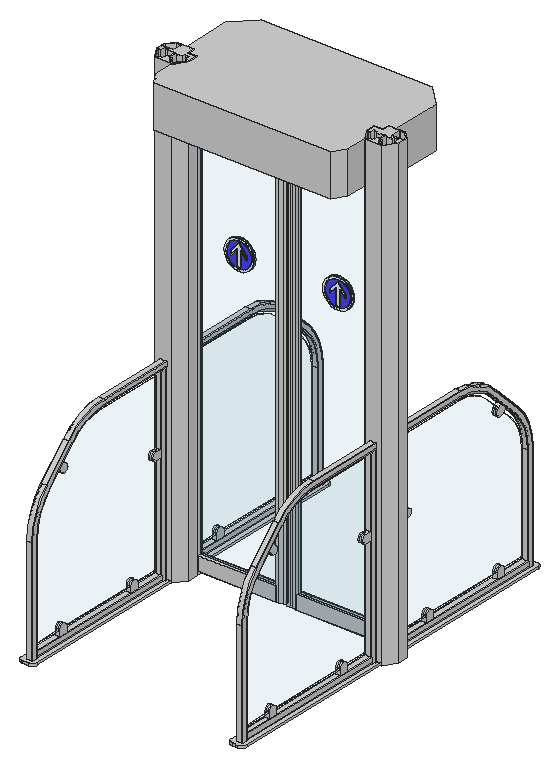
Revit family "ASSA_ABLOY_EL_Single", category Doors, Revit 2020
Family settings
  Work Plane-Based = No
  Always vertical = Yes
  Cut with Voids When Loaded = No
  Shared = No
  Room Calculation Point = No
Parameters (values of type "FlipFlow Wide_1229")
  Width = NominalWidth  # 1229.00 mm
  Weight = "n/a"
  WarrantyStartDate [instance] = "366.999988425926"
  WarrantyGuarantorParts = "Local door manufacturer"
  WarrantyDurationUnit = "Depends on country"
  WarrantyDurationParts = "Depends on country"
  WarrantyDescription = "Depends on country"
  Version = "1"
  Uniclass2015Version = "1.9"
  Uniclass2015Title = "High security doorsets"
  Uniclass2015Code = "Pr_30_59_24_37"
  URL = "https://www.assaabloyentrance.com"
  Type Comments = ""
  ThresholdStripping = no
  ThresholdRequired = no
  Thickness = 0.00 mm
  ThermalTransmittance = 0
  TagNumber [instance] = "n/a"
  SmokeStop = no
  Size = "2365x2248x1229"
  ShortRailing = yes
  Shape = "cuboid shaped"
  SerialNumber [instance] = "n/a"
  Sensor = agtatec_Record_Aluminium
  SelfClosing = yes
  SafetyDevices = "YES"
  Rubber = agtatec_Record_Rubber
  Rough Width = NominalWidth  # 1229.00 mm
  Rough Height = NominalHeight  # 2365.00 mm
  Revision = "n/a"
  ReplacementCost = "Depends on the configuration and door type"
  Reference = "n/a"
  ProductInformation = "www.agta-record.com"
  PassageWidthOptions = "650/900/1100/1200"
  PassageWidth = 900.00 mm
  PassageHeight = 2150.00 mm
  PanelWidth = (PassageWidth / 2) + 23.10 mm  # 473.10 mm
  PanelGlass = agtatec_Record_Glass
  Operation = "Automatic"
  OperatingTemperature = "n/a"
  OpeningRotationAngle = if(OpenDoor, 90.00°, 0.00°)  # 0.00°
  OpenDoor = no
  NominalWidth = 1229.00 mm
  NominalLength = 2248.00 mm
  NominalHeight = 2365.00 mm
  Name = "EL Wide"
  NBSReference = "25-50-20/175"
  NBSDescription = "Sliding Doorset"
  ModelReference = "depends on the configuration"
  ModelNumber = "n/a"
  Model = ""
  Material = "Aluminium"
  ManufacturerURL = "www.agta-record.com"
  Manufacturer = "info@blasi.info"
  Length = 5999.839 mm
  LeafColourOptions = "n/a"
  LargeRailing = no
  Keynote = ""
  IsExternal = no
  InstallationDate [instance] = "366.999988425926"
  Infiltration = 0
  IfcExportType = "Door"
  IfcExportAs = "IFCDoorStyle"
  HeightUnderCanopyOptions = "n/a"
  Height = NominalHeight  # 2365.00 mm
  HasDrive = yes
  HandicapAccessible = yes
  Grade = "n/a"
  GlassType = "n/a"
  GlassThickness2 = 0.00 mm
  GlassThickness1 = 0.00 mm
  GlassLayers = 1
  Function = Exterior
  Frames = agtatec_Record_Aluminium
  FrameProfile = "n/a"
  FrameMaterial = agtatec_Record_Aluminium
  FrameFinishOptions = "stainless steel finish"
  Fire Rating = ""
  Finish = "Aluminium and Glass"
  Features = "n/a"
  Extended = no
  ExpectedLife = "n/a"
  ElectronicLock = yes
  DurationUnit = "Year"
  DoorsetOptions = "n/a"
  DoorsetOperation = "n/a"
  DoorsetFasteners = "n/a"
  DoorSeal = yes
  DoorIncluded = yes
  DiameterOptions = "n/a"
  Description = ""
  Define Thermal Properties by = Schematic Type
  Cost = 0
  Construction Type = "Automatic Sliding Door"
  Constituents = "n/a"
  Configuration = "n/a"
  Color = "RAL"
  CodePerformance = "n/a"
  Category = "n/a"
  Capacity = "up tp 2000 people / hour"
  CanopyHeightOptions = "n/a"
  CanopyHeight = 211.00 mm
  BarCode [instance] = "n/a"
  BIMObjectName = "EL Wide"
  Author = "agtatec"
  AssetType = "n/a"
  AssetIdentifier [instance] = "n/a"
  Assembly Code = ""
  AntiFingerTrapRequirement = no
  Analytic Construction = "<None>"
  AlternativeDoorsetGlazing = "n/a"
  AccessoryOptions = "n/a"
  AccessibilityPerformance = "n/a"
Reference planes
  plane 1 "Entry": y = 0
  plane 2: z = 0
  plane 3 "Center (Left/Right)": x = 0
  plane 4 "Top": z = 2361
  plane 5 "PH": z = 2150
  plane 6: x = -450
  plane 7: x = 450
  plane 8: x = 473.1
  plane 9: x = -473.1
  plane 10 "Right": x = 528.4
  plane 11: x = 536.4
  plane 12 "Left": x = -528.4
  plane 13: x = -536.4
  plane 14: y = 9.35
  plane 15: y = 17.45
  plane 16: z = 70.9
  plane 17: z = 2130.9
Forms (mm)
  Sweep 1, solid, material "agtatec_Record_Aluminium" <- "Frames"
    path origin (0, 0, 0) x (1, 0, 0) y (0, 0, 1)
      loop
        line (450, 0) -> (450, 2361)
    profile origin (450, 0, 1180.5) x (-1, 0, 0) y (0, -1, 0)
      loop
        line (-37.465, 128.76) -> (-127.035, 128.76) -> (-164.5, 68.803) -> (-164.5, 20.298) -> (-126.752, -17.45) -> (-43.296, -17.45) -> (-43.296, 20.296) -> (0, 20.296) -> (0, 68.803) -> (-37.465, 128.76)
      loop
        line (-93.15, 103.76) -> (-100.15, 103.76) -> (-100.15, 113.76) -> (-110.85, 113.76) -> (-110.85, 121.863) -> (-127.78, 121.863) -> (-162, 67.057) -> (-162, 65.303) -> (-144.6, 65.303) -> (-144.6, 44) -> (-121.65, 44) -> (-121.65, 53.5) -> (-84.65, 53.5) -> (-84.65, 90.06) -> (-93.15, 90.06) -> (-93.15, 103.76)
      loop
        line (-71.15, 103.76) -> (-71.15, 90.06) -> (-79.65, 90.06) -> (-79.65, 53.5) -> (-42.65, 53.5) -> (-42.65, 44) -> (-19.9, 44) -> (-19.9, 65.303) -> (-2.3, 65.303) -> (-2.3, 67.057) -> (-36.52, 121.863) -> (-53.45, 121.863) -> (-53.45, 113.76) -> (-64.15, 113.76) -> (-64.15, 103.76) -> (-71.15, 103.76)
      loop
        line (-102.6, 39) -> (-162, 39) -> (-162, 21.326) -> (-129.934, -10.74) -> (-106, -10.74) -> (-106, -7.95) -> (-102.6, -7.95) -> (-102.6, 39)
  Sweep 2, solid, material "agtatec_Record_Aluminium" <- "Frames"
    path origin (0, 0, 0) x (-1, 0, 0) y (0, 0, 1)
      loop
        line (450, 0) -> (450, 2361)
    profile origin (-450, 0, 1180.5) x (-1, 0, 0) y (0, -1, 0)
      loop
        line (37.465, 128.76) -> (0, 68.803) -> (0, 20.296) -> (43.296, 20.296) -> (43.296, -17.45) -> (126.752, -17.45) -> (164.5, 20.298) -> (164.5, 68.803) -> (127.035, 128.76) -> (37.465, 128.76)
      loop
        line (93.15, 103.76) -> (93.15, 90.06) -> (84.65, 90.06) -> (84.65, 53.5) -> (121.65, 53.5) -> (121.65, 44) -> (144.6, 44) -> (144.6, 65.303) -> (162, 65.303) -> (162, 67.057) -> (127.78, 121.863) -> (110.85, 121.863) -> (110.85, 113.76) -> (100.15, 113.76) -> (100.15, 103.76) -> (93.15, 103.76)
      loop
        line (71.15, 103.76) -> (64.15, 103.76) -> (64.15, 113.76) -> (53.45, 113.76) -> (53.45, 121.863) -> (36.52, 121.863) -> (2.3, 67.057) -> (2.3, 65.303) -> (19.9, 65.303) -> (19.9, 44) -> (42.65, 44) -> (42.65, 53.5) -> (79.65, 53.5) -> (79.65, 90.06) -> (71.15, 90.06) -> (71.15, 103.76)
      loop
        line (102.6, 39) -> (102.6, -7.95) -> (106, -7.95) -> (106, -10.74) -> (129.934, -10.74) -> (162, 21.326) -> (162, 39) -> (102.6, 39)
  Extrusion 3, solid, material "agtatec_Record_Aluminium" <- "Frames"
    sketch origin (0, 0, 2150) x (-1, 0, 0) y (0, -1, 0)
      loop
        line (-488.1, 129.776) -> (-450, 68.803) -> (-450, 20.296) -> (-493.296, 20.296) -> (-493.296, -17.45) -> (-531.6, -17.45) -> (-531.6, -267.378) -> (-432.428, -366.55) -> (431.978, -366.55) -> (531.6, -266.928) -> (531.6, -17.45) -> (493.296, -17.45) -> (493.296, 20.296) -> (450, 20.296) -> (450, 68.803) -> (487.75, 129.216) -> (487.75, 231.198) -> (447.851, 295.05) -> (-448.458, 295.05) -> (-488.1, 231.61) -> (-488.1, 129.776)
    from 0 to 10
  Extrusion 4, solid, material "agtatec_Record_Aluminium" <- "Frames"
    sketch origin (0, -5999.839, 2150) x (-1, 0, 0) y (0, -1, 0)
      loop
        line (-531.6, -6267.218) -> (-432.428, -6366.389) -> (431.978, -6366.389) -> (531.6, -6266.768) -> (531.6, -6017.289) -> (529.6, -6017.289) -> (529.6, -6266.115) -> (430.974, -6364.389) -> (-431.6, -6364.389) -> (-529.6, -6266.389) -> (-529.6, -6017.289) -> (-531.6, -6017.289) -> (-531.6, -6267.218)
    from 0 to 211
  Extrusion 5, solid, material "agtatec_Record_Aluminium" <- "Frames"
    sketch origin (0, 0, 2150) x (-1, 0, 0) y (0, -1, 0)
      loop
        line (487.75, 128.76) -> (487.75, 231.198) -> (447.851, 295.05) -> (-448.458, 295.05) -> (-488.1, 231.61) -> (-488.1, 128.76) -> (-486.1, 128.76) -> (-486.1, 231.037) -> (-447.35, 293.05) -> (446.742, 293.05) -> (485.75, 230.625) -> (485.75, 128.76) -> (487.75, 128.76)
    from 0 to 211
  Extrusion 6, solid, material "agtatec_Record_Aluminium" <- "Frames"
    sketch origin (0, 0, 2361) x (-1, 0, 0) y (0, -1, 0)
      loop
        line (487.75, 129.216) -> (487.75, 231.198) -> (447.851, 295.05) -> (-448.458, 295.05) -> (-488.1, 231.61) -> (-488.1, 129.776) -> (-450, 68.803) -> (-450, 20.296) -> (-493.296, 20.296) -> (-493.296, -17.45) -> (-531.6, -17.45) -> (-531.6, -267.378) -> (-432.428, -366.55) -> (431.978, -366.55) -> (531.6, -266.928) -> (531.6, -17.45) -> (493.296, -17.45) -> (493.296, 20.296) -> (450, 20.296) -> (450, 68.803) -> (487.75, 129.216)
    from 0 to -10
  Sweep 7, solid, material "agtatec_Record_Aluminium" <- "Frames"
    path origin (528.4, 0, 0) x (0, -1, 0) y (0, 0, 1)
      loop
        line (128.76, 1000) -> (521.973, 1000)
        arc (521.973, 1000) -> (642.519, 976.022) -> (744.712, 907.739) r 315
        line (744.712, 907.739) -> (886.133, 766.317)
        arc (886.133, 766.317) -> (954.417, 664.124) -> (978.395, 543.579) r 315
        line (978.395, 543.579) -> (978.395, 0)
    profile origin (528.4, -325.367, 1000) x (0, 0, 1) y (-1, 0, 0)
      loop
        arc (0, 8.042) -> (-0.893, 10.136) -> (-2.999, 11) r 2.999
        line (-2.999, 11) -> (-26.998, 11)
        arc (-26.998, 11) -> (-29.119, 10.121) -> (-30, 8) r 3
        line (-30, 8) -> (-30, -16.051)
        arc (-30, -16.051) -> (-29.104, -18.139) -> (-27.002, -19) r 2.999
        line (-27.002, -19) -> (-3.001, -19)
        arc (-3.001, -19) -> (-0.894, -18.136) -> (0, -16.041) r 3.001
        line (0, -16.041) -> (0, 8.042)
  Sweep 8, solid, material "agtatec_Record_Aluminium" <- "Frames", visible <- "LargeRailing"
    path origin (528.4, 18.7, 0) x (0, 1, 0) y (0, 0, 1)
      loop
        line (-1.25, 1000) -> (742.679, 1000)
        arc (742.679, 1000) -> (863.225, 976.022) -> (965.418, 907.739) r 315
        line (965.418, 907.739) -> (1106.841, 766.316)
        arc (1106.841, 766.316) -> (1175.124, 664.122) -> (1199.102, 543.577) r 315
        line (1199.102, 543.577) -> (1199.102, 0)
    profile origin (528.4, 389.415, 1000) x (0, 0, -1) y (-1, 0, 0)
      loop
        line (0, 8.042) -> (0, -16.041)
        arc (0, -16.041) -> (0.894, -18.136) -> (3.001, -19) r 3.001
        line (3.001, -19) -> (27.002, -19)
        arc (27.002, -19) -> (29.104, -18.139) -> (30, -16.051) r 2.999
        line (30, -16.051) -> (30, 8)
        arc (30, 8) -> (29.119, 10.121) -> (26.998, 11) r 3
        line (26.998, 11) -> (2.999, 11)
        arc (2.999, 11) -> (0.893, 10.136) -> (0, 8.042) r 2.999
  Extrusion 9, solid, material "agtatec_Record_Aluminium" <- "Frames"
    sketch origin (0, 0, 0) x (1, 0, 0) y (0, 1, 0)
      loop
        line (492.399, -128.76) -> (492.399, -978.395)
        arc (492.399, -978.395) -> (499.722, -996.072) -> (517.399, -1003.395) r 25
        line (517.399, -1003.395) -> (547.399, -1003.395)
        arc (547.399, -1003.395) -> (565.077, -996.072) -> (572.399, -978.395) r 25
        line (572.399, -978.395) -> (572.399, -128.76) -> (544.441, -128.76)
        arc (544.441, -128.76) -> (546.562, -129.639) -> (547.441, -131.76) r 3
        line (547.441, -131.76) -> (547.441, -155.76)
        arc (547.441, -155.76) -> (546.564, -157.879) -> (544.448, -158.76) r 3
        line (544.448, -158.76) -> (520.433, -158.76)
        arc (520.433, -158.76) -> (518.317, -157.879) -> (517.441, -155.76) r 3
        line (517.441, -155.76) -> (517.441, -131.76)
        arc (517.441, -131.76) -> (518.319, -129.639) -> (520.441, -128.76) r 3
        line (520.441, -128.76) -> (492.399, -128.76)
      loop
        line (520.358, -978.395) -> (544.441, -978.395)
        arc (544.441, -978.395) -> (546.536, -977.501) -> (547.4, -975.394) r 3.001
        line (547.4, -975.394) -> (547.4, -951.393)
        arc (547.4, -951.393) -> (546.539, -949.29) -> (544.451, -948.394) r 2.999
        line (544.451, -948.394) -> (520.4, -948.394)
        arc (520.4, -948.394) -> (518.279, -949.275) -> (517.4, -951.397) r 3
        line (517.4, -951.397) -> (517.4, -975.396)
        arc (517.4, -975.396) -> (518.264, -977.502) -> (520.358, -978.395) r 2.999
    from 0 to 10
  Extrusion 10, solid, material "agtatec_Record_Aluminium" <- "Frames", visible <- "LargeRailing"
    sketch origin (0, 239.408, 0) x (1, 0, 0) y (0, 1, 0)
      loop
        line (492.399, -221.958) -> (520.441, -221.958)
        arc (520.441, -221.958) -> (518.319, -221.079) -> (517.441, -218.958) r 3
        line (517.441, -218.958) -> (517.441, -194.958)
        arc (517.441, -194.958) -> (518.317, -192.839) -> (520.433, -191.958) r 3
        line (520.433, -191.958) -> (544.448, -191.958)
        arc (544.448, -191.958) -> (546.564, -192.839) -> (547.441, -194.958) r 3
        line (547.441, -194.958) -> (547.441, -218.958)
        arc (547.441, -218.958) -> (546.562, -221.079) -> (544.441, -221.958) r 3
        line (544.441, -221.958) -> (572.399, -221.958) -> (572.399, 978.395)
        arc (572.399, 978.395) -> (565.077, 996.072) -> (547.399, 1003.395) r 25
        line (547.399, 1003.395) -> (517.399, 1003.395)
        arc (517.399, 1003.395) -> (499.722, 996.072) -> (492.399, 978.395) r 25
        line (492.399, 978.395) -> (492.399, -221.958)
      loop
        line (517.4, 975.396) -> (517.4, 951.397)
        arc (517.4, 951.397) -> (518.279, 949.275) -> (520.4, 948.397) r 3
        line (520.4, 948.397) -> (544.451, 948.394)
        arc (544.451, 948.394) -> (546.539, 949.29) -> (547.4, 951.393) r 2.999
        line (547.4, 951.393) -> (547.4, 975.394)
        arc (547.4, 975.394) -> (546.536, 977.501) -> (544.441, 978.395) r 3.001
        line (544.441, 978.395) -> (520.358, 978.395)
        arc (520.358, 978.395) -> (518.264, 977.502) -> (517.4, 975.396) r 2.999
    from 0 to 10
  Extrusion 11, solid, material "agtatec_Record_Aluminium" <- "Frames", visible <- "LargeRailing"
    sketch origin (0, 47.45, 256.131) x (0, 0, -1) y (1, 0, 0)
      loop
        line (-213.868, 544.496) -> (-213.868, 520.302)
        arc (-213.868, 520.302) -> (-212.989, 518.235) -> (-210.921, 517.358) r 3
        line (-210.921, 517.358) -> (-186.871, 517.358)
        arc (-186.871, 517.358) -> (-184.749, 518.237) -> (-183.869, 520.359) r 3.002
        line (-183.869, 520.359) -> (-183.869, 544.439)
        arc (-183.869, 544.439) -> (-184.749, 546.561) -> (-186.871, 547.441) r 3.002
        line (-186.871, 547.441) -> (-210.921, 547.441)
        arc (-210.921, 547.441) -> (-212.989, 546.563) -> (-213.868, 544.496) r 3
    from 0 to -1140.352
  Extrusion 12, solid, material "agtatec_Record_Aluminium" <- "Frames"
    sketch origin (0, 0, 0) x (1, 0, 0) y (0, 1, 0)
      loop
        arc (517.441, -155.76) -> (518.317, -157.879) -> (520.433, -158.76) r 3
        line (520.433, -158.76) -> (544.448, -158.76)
        arc (544.448, -158.76) -> (546.564, -157.879) -> (547.441, -155.76) r 3
        line (547.441, -155.76) -> (547.441, -131.76)
        arc (547.441, -131.76) -> (546.562, -129.639) -> (544.441, -128.76) r 3
        line (544.441, -128.76) -> (520.441, -128.76)
        arc (520.441, -128.76) -> (518.319, -129.639) -> (517.441, -131.76) r 3
        line (517.441, -131.76) -> (517.441, -155.76)
    from 0 to 970
  Extrusion 13, solid, material "agtatec_Record_Glass" <- "PanelGlass", visible <- "LargeRailing"
    sketch origin (528.4, 0, 0) x (0, -1, 0) y (0, 0, 1)
      loop
        arc (-767.249, 949.5) -> (-862.92, 930.47) -> (-944.026, 876.277) r 250
        line (-944.026, 876.277) -> (-1004.912, 815.391) -> (-998.265, 808.744)
        arc (-998.265, 808.744) -> (-998.265, 780.46) -> (-1026.549, 780.46) r 20
        line (-1026.549, 780.46) -> (-1033.196, 787.107) -> (-1094.579, 725.724)
        arc (-1094.579, 725.724) -> (-1148.772, 644.618) -> (-1167.802, 548.947) r 250
        line (-1167.802, 548.947) -> (-1167.802, 490.5) -> (-957.802, 490.5) -> (-957.802, 500)
        arc (-957.802, 500) -> (-937.802, 520) -> (-917.802, 500) r 20
        line (-917.802, 500) -> (-917.802, 490.5) -> (-287.805, 490.5) -> (-287.805, 500)
        arc (-287.805, 500) -> (-267.805, 520) -> (-247.805, 500) r 20
        line (-247.805, 500) -> (-247.805, 490.5) -> (-67.805, 490.5) -> (-67.805, 949.5) -> (-247.805, 949.5) -> (-247.805, 940)
        arc (-247.805, 940) -> (-267.805, 920) -> (-287.805, 940) r 20
        line (-287.805, 940) -> (-287.805, 949.5) -> (-767.249, 949.5)
    from 0 to -8
  Extrusion 14, solid, material "agtatec_Record_Aluminium" <- "Frames", visible <- "LargeRailing"
    sketch origin (0, -111.31, 0) x (1, 0, 0) y (0, 1, 0)
      loop
        line (517.441, 155.76) -> (517.441, 131.76)
        arc (517.441, 131.76) -> (518.319, 129.639) -> (520.441, 128.76) r 3
        line (520.441, 128.76) -> (544.441, 128.76)
        arc (544.441, 128.76) -> (546.562, 129.639) -> (547.441, 131.76) r 3
        line (547.441, 131.76) -> (547.441, 155.76)
        arc (547.441, 155.76) -> (546.564, 157.879) -> (544.448, 158.76) r 3
        line (544.448, 158.76) -> (520.433, 158.76)
        arc (520.433, 158.76) -> (518.317, 157.879) -> (517.441, 155.76) r 3
    from 0 to 970
  Extrusion 15, solid, material "agtatec_Record_Glass" <- "PanelGlass", visible <- "LargeRailing"
    sketch origin (528.4, 0, 0) x (0, -1, 0) y (0, 0, 1)
      loop
        line (-67.805, 420) -> (-247.805, 420) -> (-247.805, 410)
        arc (-247.805, 410) -> (-267.805, 390) -> (-287.805, 410) r 20
        line (-287.805, 410) -> (-287.805, 420) -> (-917.802, 420) -> (-917.802, 410)
        arc (-917.802, 410) -> (-937.802, 390) -> (-957.802, 410) r 20
        line (-957.802, 410) -> (-957.802, 420) -> (-1167.805, 420) -> (-1167.805, 60) -> (-957.802, 60) -> (-957.802, 70)
        arc (-957.802, 70) -> (-937.802, 90) -> (-917.802, 70) r 20
        line (-917.802, 70) -> (-917.802, 60) -> (-287.805, 60) -> (-287.805, 70)
        arc (-287.805, 70) -> (-267.805, 90) -> (-247.805, 70) r 20
        line (-247.805, 70) -> (-247.805, 60) -> (-67.805, 60) -> (-67.805, 420)
    from 0 to -8
  Extrusion 16, solid, material "agtatec_Record_Glass" <- "PanelGlass"
    sketch origin (528.4, 0, 0) x (0, -1, 0) y (0, 0, 1)
      loop
        line (178.395, 60) -> (308.395, 60) -> (308.395, 69.999)
        arc (308.395, 69.999) -> (328.395, 89.999) -> (348.395, 69.999) r 20
        line (348.395, 69.999) -> (348.395, 60) -> (758.395, 60) -> (758.395, 69.999)
        arc (758.395, 69.999) -> (778.395, 89.999) -> (798.395, 69.999) r 20
        line (798.395, 69.999) -> (798.395, 60) -> (928.395, 60) -> (928.395, 549.447)
        arc (928.395, 549.447) -> (909.365, 645.117) -> (855.171, 726.223) r 250
        line (855.171, 726.223) -> (794.037, 787.358) -> (787.138, 780.459)
        arc (787.138, 780.459) -> (758.854, 780.459) -> (758.854, 808.744) r 20
        line (758.854, 808.744) -> (765.753, 815.642) -> (704.618, 876.777)
        arc (704.618, 876.777) -> (623.512, 930.97) -> (527.841, 950) r 250
        line (527.841, 950) -> (178.395, 950) -> (178.395, 610) -> (188.76, 610)
        arc (188.76, 610) -> (208.76, 590) -> (188.76, 570) r 20
        line (188.76, 570) -> (178.395, 570) -> (178.395, 60)
    from 0 to -8
  Extrusion 17, solid, material "agtatec_Record_Aluminium" <- "Frames", visible <- "LargeRailing"
    sketch origin (0, 47.45, 256.131) x (0, 0, -1) y (1, 0, 0)
      loop
        line (216.132, 544.496) -> (216.132, 520.302)
        arc (216.132, 520.302) -> (217.011, 518.235) -> (219.079, 517.358) r 3
        line (219.079, 517.358) -> (243.129, 517.358)
        arc (243.129, 517.358) -> (245.251, 518.237) -> (246.131, 520.359) r 3.002
        line (246.131, 520.359) -> (246.131, 544.439)
        arc (246.131, 544.439) -> (245.251, 546.561) -> (243.129, 547.441) r 3.002
        line (243.129, 547.441) -> (219.079, 547.441)
        arc (219.079, 547.441) -> (217.011, 546.563) -> (216.132, 544.496) r 3
    from 0 to -1140.352
  Extrusion 18, solid, material "agtatec_Record_Aluminium" <- "Frames"
    sketch origin (0, -47.45, 256.131) x (0, 0, -1) y (-1, 0, 0)
      loop
        arc (216.132, -544.496) -> (217.011, -546.563) -> (219.079, -547.441) r 3
        line (219.079, -547.441) -> (243.129, -547.441)
        arc (243.129, -547.441) -> (245.251, -546.561) -> (246.131, -544.439) r 3.002
        line (246.131, -544.439) -> (246.131, -520.359)
        arc (246.131, -520.359) -> (245.251, -518.237) -> (243.129, -517.358) r 3.002
        line (243.129, -517.358) -> (219.079, -517.358)
        arc (219.079, -517.358) -> (217.011, -518.235) -> (216.132, -520.302) r 3
        line (216.132, -520.302) -> (216.132, -544.496)
    from -111.31 to -900.945
  Extrusion 19, solid, material "agtatec_Record_Aluminium" <- "Frames", visible <- "LargeRailing"
    sketch origin (528.4, 0, 0) x (0, -1, 0) y (0, 0, 1)
      loop
        line (-247.805, 970) -> (-287.805, 970) -> (-287.805, 940)
        arc (-287.805, 940) -> (-267.805, 920) -> (-247.805, 940) r 20
        line (-247.805, 940) -> (-247.805, 970)
      loop
        line (-1019.478, 829.957) -> (-1047.762, 801.673) -> (-1026.549, 780.46)
        arc (-1026.549, 780.46) -> (-998.265, 780.46) -> (-998.265, 808.744) r 20
        line (-998.265, 808.744) -> (-1019.478, 829.957)
      loop
        line (-957.802, 470) -> (-917.802, 470) -> (-917.802, 500)
        arc (-917.802, 500) -> (-937.802, 520) -> (-957.802, 500) r 20
        line (-957.802, 500) -> (-957.802, 470)
      loop
        line (-247.805, 470) -> (-247.805, 500)
        arc (-247.805, 500) -> (-267.805, 520) -> (-287.805, 500) r 20
        line (-287.805, 500) -> (-287.805, 470) -> (-247.805, 470)
      loop
        line (-957.802, 440) -> (-957.802, 410)
        arc (-957.802, 410) -> (-937.802, 390) -> (-917.802, 410) r 20
        line (-917.802, 410) -> (-917.802, 440) -> (-957.802, 440)
      loop
        line (-247.805, 440) -> (-287.805, 440) -> (-287.805, 410)
        arc (-287.805, 410) -> (-267.805, 390) -> (-247.805, 410) r 20
        line (-247.805, 410) -> (-247.805, 440)
      loop
        line (-957.802, 40) -> (-917.802, 40) -> (-917.802, 70)
        arc (-917.802, 70) -> (-937.802, 90) -> (-957.802, 70) r 20
        line (-957.802, 70) -> (-957.802, 40)
      loop
        line (-247.805, 40) -> (-247.805, 70)
        arc (-247.805, 70) -> (-267.805, 90) -> (-287.805, 70) r 20
        line (-287.805, 70) -> (-287.805, 40) -> (-247.805, 40)
    from -16 to 8
  Extrusion 20, solid, material "agtatec_Record_Aluminium" <- "Frames"
    sketch origin (528.4, 0, 0) x (0, -1, 0) y (0, 0, 1)
      loop
        line (780.067, 829.957) -> (758.854, 808.744)
        arc (758.854, 808.744) -> (758.854, 780.459) -> (787.138, 780.459) r 20
        line (787.138, 780.459) -> (808.351, 801.672) -> (780.067, 829.957)
      loop
        line (798.395, 39.999) -> (798.395, 69.999)
        arc (798.395, 69.999) -> (778.395, 89.999) -> (758.395, 69.999) r 20
        line (758.395, 69.999) -> (758.395, 39.999) -> (798.395, 39.999)
      loop
        line (348.395, 39.999) -> (348.395, 69.999)
        arc (348.395, 69.999) -> (328.395, 89.999) -> (308.395, 69.999) r 20
        line (308.395, 69.999) -> (308.395, 39.999) -> (348.395, 39.999)
      loop
        line (158.76, 570) -> (188.76, 570)
        arc (188.76, 570) -> (208.76, 590) -> (188.76, 610) r 20
        line (188.76, 610) -> (158.76, 610) -> (158.76, 570)
    from -16 to 8
  Sweep 21, solid, material "agtatec_Record_Aluminium" <- "Frames"
    path origin (-528.4, 0, 0) x (0, -1, 0) y (0, 0, 1)
      loop
        line (128.76, 1000) -> (521.973, 1000)
        arc (521.973, 1000) -> (642.519, 976.022) -> (744.712, 907.739) r 315
        line (744.712, 907.739) -> (886.133, 766.317)
        arc (886.133, 766.317) -> (954.417, 664.124) -> (978.395, 543.579) r 315
        line (978.395, 543.579) -> (978.395, 0)
    profile origin (-528.4, -325.367, 1000) x (0, 0, -1) y (1, 0, 0)
      loop
        line (0, 8.042) -> (0, -16.041)
        arc (0, -16.041) -> (0.894, -18.136) -> (3.001, -19) r 3.001
        line (3.001, -19) -> (27.002, -19)
        arc (27.002, -19) -> (29.104, -18.139) -> (30, -16.051) r 2.999
        line (30, -16.051) -> (30, 8)
        arc (30, 8) -> (29.119, 10.121) -> (26.998, 11) r 3
        line (26.998, 11) -> (2.999, 11)
        arc (2.999, 11) -> (0.893, 10.136) -> (0, 8.042) r 2.999
  Sweep 22, solid, material "agtatec_Record_Aluminium" <- "Frames", visible <- "LargeRailing"
    path origin (-528.4, 0, 0) x (0, -1, 0) y (0, 0, 1)
      loop
        line (-17.45, 1000) -> (-761.379, 1000)
        arc (-761.379, 1000) -> (-881.925, 976.022) -> (-984.118, 907.739) r 315
        line (-984.118, 907.739) -> (-1125.541, 766.316)
        arc (-1125.541, 766.316) -> (-1193.824, 664.122) -> (-1217.802, 543.577) r 315
        line (-1217.802, 543.577) -> (-1217.802, 0)
    profile origin (-528.4, 389.415, 1000) x (0, 0, 1) y (1, 0, 0)
      loop
        arc (0, 8.042) -> (-0.893, 10.136) -> (-2.999, 11) r 2.999
        line (-2.999, 11) -> (-26.998, 11)
        arc (-26.998, 11) -> (-29.119, 10.121) -> (-30, 8) r 3
        line (-30, 8) -> (-30, -16.051)
        arc (-30, -16.051) -> (-29.104, -18.139) -> (-27.002, -19) r 2.999
        line (-27.002, -19) -> (-3.001, -19)
        arc (-3.001, -19) -> (-0.894, -18.136) -> (0, -16.041) r 3.001
        line (0, -16.041) -> (0, 8.042)
  Extrusion 23, solid, material "agtatec_Record_Aluminium" <- "Frames"
    sketch origin (0, 0, 0) x (-1, 0, 0) y (0, -1, 0)
      loop
        line (492.399, 128.76) -> (520.441, 128.76)
        arc (520.441, 128.76) -> (518.319, 129.639) -> (517.441, 131.76) r 3
        line (517.441, 131.76) -> (517.441, 155.76)
        arc (517.441, 155.76) -> (518.317, 157.879) -> (520.433, 158.76) r 3
        line (520.433, 158.76) -> (544.448, 158.76)
        arc (544.448, 158.76) -> (546.564, 157.879) -> (547.441, 155.76) r 3
        line (547.441, 155.76) -> (547.441, 131.76)
        arc (547.441, 131.76) -> (546.562, 129.639) -> (544.441, 128.76) r 3
        line (544.441, 128.76) -> (572.399, 128.76) -> (572.399, 978.395)
        arc (572.399, 978.395) -> (565.077, 996.072) -> (547.399, 1003.395) r 25
        line (547.399, 1003.395) -> (517.399, 1003.395)
        arc (517.399, 1003.395) -> (499.722, 996.072) -> (492.399, 978.395) r 25
        line (492.399, 978.395) -> (492.399, 128.76)
      loop
        arc (520.358, 978.395) -> (518.264, 977.502) -> (517.4, 975.396) r 2.999
        line (517.4, 975.396) -> (517.4, 951.397)
        arc (517.4, 951.397) -> (518.279, 949.275) -> (520.4, 948.394) r 3
        line (520.4, 948.394) -> (544.451, 948.394)
        arc (544.451, 948.394) -> (546.539, 949.29) -> (547.4, 951.393) r 2.999
        line (547.4, 951.393) -> (547.4, 975.394)
        arc (547.4, 975.394) -> (546.536, 977.501) -> (544.441, 978.395) r 3.001
        line (544.441, 978.395) -> (520.358, 978.395)
    from 0 to 10
  Extrusion 24, solid, material "agtatec_Record_Aluminium" <- "Frames", visible <- "LargeRailing"
    sketch origin (0, 239.408, 0) x (-1, 0, 0) y (0, -1, 0)
      loop
        line (492.399, 221.958) -> (492.399, -978.395)
        arc (492.399, -978.395) -> (499.722, -996.072) -> (517.399, -1003.395) r 25
        line (517.399, -1003.395) -> (547.399, -1003.395)
        arc (547.399, -1003.395) -> (565.077, -996.072) -> (572.399, -978.395) r 25
        line (572.399, -978.395) -> (572.399, 221.958) -> (544.441, 221.958)
        arc (544.441, 221.958) -> (546.562, 221.079) -> (547.441, 218.958) r 3
        line (547.441, 218.958) -> (547.441, 194.958)
        arc (547.441, 194.958) -> (546.564, 192.839) -> (544.448, 191.958) r 3
        line (544.448, 191.958) -> (520.433, 191.958)
        arc (520.433, 191.958) -> (518.317, 192.839) -> (517.441, 194.958) r 3
        line (517.441, 194.958) -> (517.441, 218.958)
        arc (517.441, 218.958) -> (518.319, 221.079) -> (520.441, 221.958) r 3
        line (520.441, 221.958) -> (492.399, 221.958)
      loop
        arc (517.4, -975.396) -> (518.264, -977.502) -> (520.358, -978.395) r 2.999
        line (520.358, -978.395) -> (544.441, -978.395)
        arc (544.441, -978.395) -> (546.536, -977.501) -> (547.4, -975.394) r 3.001
        line (547.4, -975.394) -> (547.4, -951.393)
        arc (547.4, -951.393) -> (546.539, -949.29) -> (544.451, -948.394) r 2.999
        line (544.451, -948.394) -> (520.4, -948.397)
        arc (520.4, -948.397) -> (518.279, -949.275) -> (517.4, -951.397) r 3
        line (517.4, -951.397) -> (517.4, -975.396)
    from 0 to 10
  Extrusion 25, solid, material "agtatec_Record_Aluminium" <- "Frames", visible <- "LargeRailing"
    sketch origin (0, 47.45, 256.131) x (0, 0, -1) y (1, 0, 0)
      loop
        arc (-213.868, -544.496) -> (-212.989, -546.563) -> (-210.921, -547.441) r 3
        line (-210.921, -547.441) -> (-186.871, -547.441)
        arc (-186.871, -547.441) -> (-184.749, -546.561) -> (-183.869, -544.439) r 3.002
        line (-183.869, -544.439) -> (-183.869, -520.359)
        arc (-183.869, -520.359) -> (-184.749, -518.237) -> (-186.871, -517.358) r 3.002
        line (-186.871, -517.358) -> (-210.921, -517.358)
        arc (-210.921, -517.358) -> (-212.989, -518.235) -> (-213.868, -520.302) r 3
        line (-213.868, -520.302) -> (-213.868, -544.496)
    from 0 to -1140.352
  Extrusion 26, solid, material "agtatec_Record_Aluminium" <- "Frames"
    sketch origin (0, 0, 0) x (-1, 0, 0) y (0, -1, 0)
      loop
        line (517.441, 155.76) -> (517.441, 131.76)
        arc (517.441, 131.76) -> (518.319, 129.639) -> (520.441, 128.76) r 3
        line (520.441, 128.76) -> (544.441, 128.76)
        arc (544.441, 128.76) -> (546.562, 129.639) -> (547.441, 131.76) r 3
        line (547.441, 131.76) -> (547.441, 155.76)
        arc (547.441, 155.76) -> (546.564, 157.879) -> (544.448, 158.76) r 3
        line (544.448, 158.76) -> (520.433, 158.76)
        arc (520.433, 158.76) -> (518.317, 157.879) -> (517.441, 155.76) r 3
    from 0 to 970
  Extrusion 27, solid, material "agtatec_Record_Glass" <- "PanelGlass", visible <- "LargeRailing"
    sketch origin (-528.4, 0, 0) x (0, -1, 0) y (0, 0, -1)
      loop
        line (-767.249, -949.5) -> (-287.805, -949.5) -> (-287.805, -940)
        arc (-287.805, -940) -> (-267.805, -920) -> (-247.805, -940) r 20
        line (-247.805, -940) -> (-247.805, -949.5) -> (-67.805, -949.5) -> (-67.805, -490.5) -> (-247.805, -490.5) -> (-247.805, -500)
        arc (-247.805, -500) -> (-267.805, -520) -> (-287.805, -500) r 20
        line (-287.805, -500) -> (-287.805, -490.5) -> (-917.802, -490.5) -> (-917.802, -500)
        arc (-917.802, -500) -> (-937.802, -520) -> (-957.802, -500) r 20
        line (-957.802, -500) -> (-957.802, -490.5) -> (-1167.802, -490.5) -> (-1167.802, -548.947)
        arc (-1167.802, -548.947) -> (-1148.772, -644.618) -> (-1094.579, -725.724) r 250
        line (-1094.579, -725.724) -> (-1033.196, -787.107) -> (-1026.549, -780.46)
        arc (-1026.549, -780.46) -> (-998.265, -780.46) -> (-998.265, -808.744) r 20
        line (-998.265, -808.744) -> (-1004.912, -815.391) -> (-944.026, -876.277)
        arc (-944.026, -876.277) -> (-862.92, -930.47) -> (-767.249, -949.5) r 250
    from 0 to -8
  Extrusion 28, solid, material "agtatec_Record_Aluminium" <- "Frames", visible <- "LargeRailing"
    sketch origin (0, -111.31, 0) x (-1, 0, 0) y (0, -1, 0)
      loop
        arc (517.441, -155.76) -> (518.317, -157.879) -> (520.433, -158.76) r 3
        line (520.433, -158.76) -> (544.448, -158.76)
        arc (544.448, -158.76) -> (546.564, -157.879) -> (547.441, -155.76) r 3
        line (547.441, -155.76) -> (547.441, -131.76)
        arc (547.441, -131.76) -> (546.562, -129.639) -> (544.441, -128.76) r 3
        line (544.441, -128.76) -> (520.441, -128.76)
        arc (520.441, -128.76) -> (518.319, -129.639) -> (517.441, -131.76) r 3
        line (517.441, -131.76) -> (517.441, -155.76)
    from 0 to 970
  Extrusion 29, solid, material "agtatec_Record_Glass" <- "PanelGlass", visible <- "LargeRailing"
    sketch origin (-528.4, 0, 0) x (0, -1, 0) y (0, 0, -1)
      loop
        line (-67.805, -420) -> (-67.805, -60) -> (-247.805, -60) -> (-247.805, -70)
        arc (-247.805, -70) -> (-267.805, -90) -> (-287.805, -70) r 20
        line (-287.805, -70) -> (-287.805, -60) -> (-917.802, -60) -> (-917.802, -70)
        arc (-917.802, -70) -> (-937.802, -90) -> (-957.802, -70) r 20
        line (-957.802, -70) -> (-957.802, -60) -> (-1167.805, -60) -> (-1167.805, -420) -> (-957.802, -420) -> (-957.802, -410)
        arc (-957.802, -410) -> (-937.802, -390) -> (-917.802, -410) r 20
        line (-917.802, -410) -> (-917.802, -420) -> (-287.805, -420) -> (-287.805, -410)
        arc (-287.805, -410) -> (-267.805, -390) -> (-247.805, -410) r 20
        line (-247.805, -410) -> (-247.805, -420) -> (-67.805, -420)
    from 0 to -8
  Extrusion 30, solid, material "agtatec_Record_Glass" <- "PanelGlass"
    sketch origin (-528.4, 0, 0) x (0, -1, 0) y (0, 0, -1)
      loop
        line (178.395, -60) -> (178.395, -570) -> (188.76, -570)
        arc (188.76, -570) -> (208.76, -590) -> (188.76, -610) r 20
        line (188.76, -610) -> (178.395, -610) -> (178.395, -950) -> (527.841, -950)
        arc (527.841, -950) -> (623.512, -930.97) -> (704.618, -876.777) r 250
        line (704.618, -876.777) -> (765.753, -815.642) -> (758.854, -808.744)
        arc (758.854, -808.744) -> (758.854, -780.459) -> (787.138, -780.459) r 20
        line (787.138, -780.459) -> (794.037, -787.358) -> (855.171, -726.223)
        arc (855.171, -726.223) -> (909.365, -645.117) -> (928.395, -549.447) r 250
        line (928.395, -549.447) -> (928.395, -60) -> (798.395, -60) -> (798.395, -69.999)
        arc (798.395, -69.999) -> (778.395, -89.999) -> (758.395, -69.999) r 20
        line (758.395, -69.999) -> (758.395, -60) -> (348.395, -60) -> (348.395, -69.999)
        arc (348.395, -69.999) -> (328.395, -89.999) -> (308.395, -69.999) r 20
        line (308.395, -69.999) -> (308.395, -60) -> (178.395, -60)
    from 0 to -8
  Extrusion 31, solid, material "agtatec_Record_Aluminium" <- "Frames", visible <- "LargeRailing"
    sketch origin (0, 47.45, 256.131) x (0, 0, -1) y (1, 0, 0)
      loop
        arc (216.132, -544.496) -> (217.011, -546.563) -> (219.079, -547.441) r 3
        line (219.079, -547.441) -> (243.129, -547.441)
        arc (243.129, -547.441) -> (245.251, -546.561) -> (246.131, -544.439) r 3.002
        line (246.131, -544.439) -> (246.131, -520.359)
        arc (246.131, -520.359) -> (245.251, -518.237) -> (243.129, -517.358) r 3.002
        line (243.129, -517.358) -> (219.079, -517.358)
        arc (219.079, -517.358) -> (217.011, -518.235) -> (216.132, -520.302) r 3
        line (216.132, -520.302) -> (216.132, -544.496)
    from 0 to -1140.352
  Extrusion 32, solid, material "agtatec_Record_Aluminium" <- "Frames"
    sketch origin (0, -47.45, 256.131) x (0, 0, -1) y (-1, 0, 0)
      loop
        line (216.132, 544.496) -> (216.132, 520.302)
        arc (216.132, 520.302) -> (217.011, 518.235) -> (219.079, 517.358) r 3
        line (219.079, 517.358) -> (243.129, 517.358)
        arc (243.129, 517.358) -> (245.251, 518.237) -> (246.131, 520.359) r 3.002
        line (246.131, 520.359) -> (246.131, 544.439)
        arc (246.131, 544.439) -> (245.251, 546.561) -> (243.129, 547.441) r 3.002
        line (243.129, 547.441) -> (219.079, 547.441)
        arc (219.079, 547.441) -> (217.011, 546.563) -> (216.132, 544.496) r 3
    from -111.31 to -900.945
  Extrusion 33, solid, material "agtatec_Record_Aluminium" <- "Frames", visible <- "LargeRailing"
    sketch origin (-528.4, 0, 0) x (0, -1, 0) y (0, 0, -1)
      loop
        line (-247.805, -970) -> (-247.805, -940)
        arc (-247.805, -940) -> (-267.805, -920) -> (-287.805, -940) r 20
        line (-287.805, -940) -> (-287.805, -970) -> (-247.805, -970)
      loop
        line (-1019.478, -829.957) -> (-998.265, -808.744)
        arc (-998.265, -808.744) -> (-998.265, -780.46) -> (-1026.549, -780.46) r 20
        line (-1026.549, -780.46) -> (-1047.762, -801.673) -> (-1019.478, -829.957)
      loop
        line (-957.802, -470) -> (-957.802, -500)
        arc (-957.802, -500) -> (-937.802, -520) -> (-917.802, -500) r 20
        line (-917.802, -500) -> (-917.802, -470) -> (-957.802, -470)
      loop
        line (-247.805, -470) -> (-287.805, -470) -> (-287.805, -500)
        arc (-287.805, -500) -> (-267.805, -520) -> (-247.805, -500) r 20
        line (-247.805, -500) -> (-247.805, -470)
      loop
        line (-957.802, -440) -> (-917.802, -440) -> (-917.802, -410)
        arc (-917.802, -410) -> (-937.802, -390) -> (-957.802, -410) r 20
        line (-957.802, -410) -> (-957.802, -440)
      loop
        line (-247.805, -440) -> (-247.805, -410)
        arc (-247.805, -410) -> (-267.805, -390) -> (-287.805, -410) r 20
        line (-287.805, -410) -> (-287.805, -440) -> (-247.805, -440)
      loop
        line (-957.802, -40) -> (-957.802, -70)
        arc (-957.802, -70) -> (-937.802, -90) -> (-917.802, -70) r 20
        line (-917.802, -70) -> (-917.802, -40) -> (-957.802, -40)
      loop
        line (-247.805, -40) -> (-287.805, -40) -> (-287.805, -70)
        arc (-287.805, -70) -> (-267.805, -90) -> (-247.805, -70) r 20
        line (-247.805, -70) -> (-247.805, -40)
    from -16 to 8
  Extrusion 34, solid, material "agtatec_Record_Aluminium" <- "Frames"
    sketch origin (-528.4, 0, 0) x (0, -1, 0) y (0, 0, -1)
      loop
        line (780.067, -829.957) -> (808.351, -801.672) -> (787.138, -780.459)
        arc (787.138, -780.459) -> (758.854, -780.459) -> (758.854, -808.744) r 20
        line (758.854, -808.744) -> (780.067, -829.957)
      loop
        line (798.395, -39.999) -> (758.395, -39.999) -> (758.395, -69.999)
        arc (758.395, -69.999) -> (778.395, -89.999) -> (798.395, -69.999) r 20
        line (798.395, -69.999) -> (798.395, -39.999)
      loop
        line (348.395, -39.999) -> (308.395, -39.999) -> (308.395, -69.999)
        arc (308.395, -69.999) -> (328.395, -89.999) -> (348.395, -69.999) r 20
        line (348.395, -69.999) -> (348.395, -39.999)
      loop
        line (158.76, -570) -> (158.76, -610) -> (188.76, -610)
        arc (188.76, -610) -> (208.76, -590) -> (188.76, -570) r 20
        line (188.76, -570) -> (158.76, -570)
    from -16 to 8
  Sweep 35, solid, material "agtatec_Record_Aluminium" <- "Frames", visible <- "ShortRailing"
    path origin (528.4, -111.31, 0) x (0, 1, 0) y (0, 0, 1)
      loop
        line (128.76, 1000) -> (521.973, 1000)
        arc (521.973, 1000) -> (642.519, 976.022) -> (744.712, 907.739) r 315
        line (744.712, 907.739) -> (886.133, 766.317)
        arc (886.133, 766.317) -> (954.417, 664.124) -> (978.395, 543.579) r 315
        line (978.395, 543.579) -> (978.395, 0)
    profile origin (528.4, 214.057, 1000) x (0, 0, -1) y (-1, 0, 0)
      loop
        line (0, 8.042) -> (0, -16.041)
        arc (0, -16.041) -> (0.894, -18.136) -> (3.001, -19) r 3.001
        line (3.001, -19) -> (27.002, -19)
        arc (27.002, -19) -> (29.104, -18.139) -> (30, -16.051) r 2.999
        line (30, -16.051) -> (30, 8)
        arc (30, 8) -> (29.119, 10.121) -> (26.998, 11) r 3
        line (26.998, 11) -> (2.999, 11)
        arc (2.999, 11) -> (0.893, 10.136) -> (0, 8.042) r 2.999
  Extrusion 36, solid, material "agtatec_Record_Aluminium" <- "Frames", visible <- "ShortRailing"
    sketch origin (0, -111.31, 0) x (1, 0, 0) y (0, 1, 0)
      loop
        line (492.399, 128.76) -> (520.441, 128.76)
        arc (520.441, 128.76) -> (518.319, 129.639) -> (517.441, 131.76) r 3
        line (517.441, 131.76) -> (517.441, 155.76)
        arc (517.441, 155.76) -> (518.317, 157.879) -> (520.433, 158.76) r 3
        line (520.433, 158.76) -> (544.448, 158.76)
        arc (544.448, 158.76) -> (546.564, 157.879) -> (547.441, 155.76) r 3
        line (547.441, 155.76) -> (547.441, 131.76)
        arc (547.441, 131.76) -> (546.562, 129.639) -> (544.441, 128.76) r 3
        line (544.441, 128.76) -> (572.399, 128.76) -> (572.399, 978.395)
        arc (572.399, 978.395) -> (565.077, 996.072) -> (547.399, 1003.395) r 25
        line (547.399, 1003.395) -> (517.399, 1003.395)
        arc (517.399, 1003.395) -> (499.722, 996.072) -> (492.399, 978.395) r 25
        line (492.399, 978.395) -> (492.399, 128.76)
      loop
        arc (520.358, 978.395) -> (518.264, 977.502) -> (517.4, 975.396) r 2.999
        line (517.4, 975.396) -> (517.4, 951.397)
        arc (517.4, 951.397) -> (518.279, 949.275) -> (520.4, 948.394) r 3
        line (520.4, 948.394) -> (544.451, 948.394)
        arc (544.451, 948.394) -> (546.539, 949.29) -> (547.4, 951.393) r 2.999
        line (547.4, 951.393) -> (547.4, 975.394)
        arc (547.4, 975.394) -> (546.536, 977.501) -> (544.441, 978.395) r 3.001
        line (544.441, 978.395) -> (520.358, 978.395)
    from 0 to 10
  Extrusion 37, solid, material "agtatec_Record_Aluminium" <- "Frames", visible <- "ShortRailing"
    sketch origin (0, -111.31, 0) x (1, 0, 0) y (0, 1, 0)
      loop
        line (517.441, 155.76) -> (517.441, 131.76)
        arc (517.441, 131.76) -> (518.319, 129.639) -> (520.441, 128.76) r 3
        line (520.441, 128.76) -> (544.441, 128.76)
        arc (544.441, 128.76) -> (546.562, 129.639) -> (547.441, 131.76) r 3
        line (547.441, 131.76) -> (547.441, 155.76)
        arc (547.441, 155.76) -> (546.564, 157.879) -> (544.448, 158.76) r 3
        line (544.448, 158.76) -> (520.433, 158.76)
        arc (520.433, 158.76) -> (518.317, 157.879) -> (517.441, 155.76) r 3
    from 0 to 970
  Extrusion 38, solid, material "agtatec_Record_Glass" <- "PanelGlass", visible <- "ShortRailing"
    sketch origin (528.4, -111.31, 0) x (0, 1, 0) y (0, 0, -1)
      loop
        line (178.395, -60) -> (178.395, -570) -> (188.76, -570)
        arc (188.76, -570) -> (208.76, -590) -> (188.76, -610) r 20
        line (188.76, -610) -> (178.395, -610) -> (178.395, -950) -> (527.841, -950)
        arc (527.841, -950) -> (623.512, -930.97) -> (704.618, -876.777) r 250
        line (704.618, -876.777) -> (765.753, -815.642) -> (758.854, -808.744)
        arc (758.854, -808.744) -> (758.854, -780.459) -> (787.138, -780.459) r 20
        line (787.138, -780.459) -> (794.037, -787.358) -> (855.171, -726.223)
        arc (855.171, -726.223) -> (909.365, -645.117) -> (928.395, -549.447) r 250
        line (928.395, -549.447) -> (928.395, -60) -> (798.395, -60) -> (798.395, -69.999)
        arc (798.395, -69.999) -> (778.395, -89.999) -> (758.395, -69.999) r 20
        line (758.395, -69.999) -> (758.395, -60) -> (348.395, -60) -> (348.395, -69.999)
        arc (348.395, -69.999) -> (328.395, -89.999) -> (308.395, -69.999) r 20
        line (308.395, -69.999) -> (308.395, -60) -> (178.395, -60)
    from 0 to -8
  Extrusion 39, solid, material "agtatec_Record_Aluminium" <- "Frames", visible <- "ShortRailing"
    sketch origin (0, -63.86, 256.131) x (0, 0, -1) y (1, 0, 0)
      loop
        line (216.132, 544.496) -> (216.132, 520.302)
        arc (216.132, 520.302) -> (217.011, 518.235) -> (219.079, 517.358) r 3
        line (219.079, 517.358) -> (243.129, 517.358)
        arc (243.129, 517.358) -> (245.251, 518.237) -> (246.131, 520.359) r 3.002
        line (246.131, 520.359) -> (246.131, 544.439)
        arc (246.131, 544.439) -> (245.251, 546.561) -> (243.129, 547.441) r 3.002
        line (243.129, 547.441) -> (219.079, 547.441)
        arc (219.079, 547.441) -> (217.011, 546.563) -> (216.132, 544.496) r 3
    from -111.31 to -900.945
  Extrusion 40, solid, material "agtatec_Record_Aluminium" <- "Frames", visible <- "ShortRailing"
    sketch origin (528.4, -111.31, 0) x (0, 1, 0) y (0, 0, -1)
      loop
        line (780.067, -829.957) -> (808.351, -801.672) -> (787.138, -780.459)
        arc (787.138, -780.459) -> (758.854, -780.459) -> (758.854, -808.744) r 20
        line (758.854, -808.744) -> (780.067, -829.957)
      loop
        line (798.395, -39.999) -> (758.395, -39.999) -> (758.395, -69.999)
        arc (758.395, -69.999) -> (778.395, -89.999) -> (798.395, -69.999) r 20
        line (798.395, -69.999) -> (798.395, -39.999)
      loop
        line (348.395, -39.999) -> (308.395, -39.999) -> (308.395, -69.999)
        arc (308.395, -69.999) -> (328.395, -89.999) -> (348.395, -69.999) r 20
        line (348.395, -69.999) -> (348.395, -39.999)
      loop
        line (158.76, -570) -> (158.76, -610) -> (188.76, -610)
        arc (188.76, -610) -> (208.76, -590) -> (188.76, -570) r 20
        line (188.76, -570) -> (158.76, -570)
    from -16 to 8
  Sweep 41, solid, material "agtatec_Record_Aluminium" <- "Frames", visible <- "ShortRailing"
    path origin (-528.4, 0, 0) x (0, -1, 0) y (0, 0, 1)
      loop
        line (-17.45, 1000) -> (-410.663, 1000)
        arc (-410.663, 1000) -> (-531.209, 976.022) -> (-633.402, 907.739) r 315
        line (-633.402, 907.739) -> (-774.823, 766.317)
        arc (-774.823, 766.317) -> (-843.107, 664.124) -> (-867.085, 543.579) r 315
        line (-867.085, 543.579) -> (-867.085, 0)
    profile origin (-528.4, 214.057, 1000) x (0, 0, 1) y (1, 0, 0)
      loop
        arc (0, 8.042) -> (-0.893, 10.136) -> (-2.999, 11) r 2.999
        line (-2.999, 11) -> (-26.998, 11)
        arc (-26.998, 11) -> (-29.119, 10.121) -> (-30, 8) r 3
        line (-30, 8) -> (-30, -16.051)
        arc (-30, -16.051) -> (-29.104, -18.139) -> (-27.002, -19) r 2.999
        line (-27.002, -19) -> (-3.001, -19)
        arc (-3.001, -19) -> (-0.894, -18.136) -> (0, -16.041) r 3.001
        line (0, -16.041) -> (0, 8.042)
  Extrusion 42, solid, material "agtatec_Record_Aluminium" <- "Frames", visible <- "ShortRailing"
    sketch origin (0, -111.31, 0) x (-1, 0, 0) y (0, -1, 0)
      loop
        line (492.399, -128.76) -> (492.399, -978.395)
        arc (492.399, -978.395) -> (499.722, -996.072) -> (517.399, -1003.395) r 25
        line (517.399, -1003.395) -> (547.399, -1003.395)
        arc (547.399, -1003.395) -> (565.077, -996.072) -> (572.399, -978.395) r 25
        line (572.399, -978.395) -> (572.399, -128.76) -> (544.441, -128.76)
        arc (544.441, -128.76) -> (546.562, -129.639) -> (547.441, -131.76) r 3
        line (547.441, -131.76) -> (547.441, -155.76)
        arc (547.441, -155.76) -> (546.564, -157.879) -> (544.448, -158.76) r 3
        line (544.448, -158.76) -> (520.433, -158.76)
        arc (520.433, -158.76) -> (518.317, -157.879) -> (517.441, -155.76) r 3
        line (517.441, -155.76) -> (517.441, -131.76)
        arc (517.441, -131.76) -> (518.319, -129.639) -> (520.441, -128.76) r 3
        line (520.441, -128.76) -> (492.399, -128.76)
      loop
        line (520.358, -978.395) -> (544.441, -978.395)
        arc (544.441, -978.395) -> (546.536, -977.501) -> (547.4, -975.394) r 3.001
        line (547.4, -975.394) -> (547.4, -951.393)
        arc (547.4, -951.393) -> (546.539, -949.29) -> (544.451, -948.394) r 2.999
        line (544.451, -948.394) -> (520.4, -948.394)
        arc (520.4, -948.394) -> (518.279, -949.275) -> (517.4, -951.397) r 3
        line (517.4, -951.397) -> (517.4, -975.396)
        arc (517.4, -975.396) -> (518.264, -977.502) -> (520.358, -978.395) r 2.999
    from 0 to 10
  Extrusion 43, solid, material "agtatec_Record_Aluminium" <- "Frames", visible <- "ShortRailing"
    sketch origin (0, -111.31, 0) x (-1, 0, 0) y (0, -1, 0)
      loop
        arc (517.441, -155.76) -> (518.317, -157.879) -> (520.433, -158.76) r 3
        line (520.433, -158.76) -> (544.448, -158.76)
        arc (544.448, -158.76) -> (546.564, -157.879) -> (547.441, -155.76) r 3
        line (547.441, -155.76) -> (547.441, -131.76)
        arc (547.441, -131.76) -> (546.562, -129.639) -> (544.441, -128.76) r 3
        line (544.441, -128.76) -> (520.441, -128.76)
        arc (520.441, -128.76) -> (518.319, -129.639) -> (517.441, -131.76) r 3
        line (517.441, -131.76) -> (517.441, -155.76)
    from 0 to 970
  Extrusion 44, solid, material "agtatec_Record_Glass" <- "PanelGlass", visible <- "ShortRailing"
    sketch origin (-528.4, 0, 0) x (0, -1, 0) y (0, 0, -1)
      loop
        line (-67.085, -60) -> (-197.085, -60) -> (-197.085, -69.999)
        arc (-197.085, -69.999) -> (-217.085, -89.999) -> (-237.085, -69.999) r 20
        line (-237.085, -69.999) -> (-237.085, -60) -> (-647.085, -60) -> (-647.085, -69.999)
        arc (-647.085, -69.999) -> (-667.085, -89.999) -> (-687.085, -69.999) r 20
        line (-687.085, -69.999) -> (-687.085, -60) -> (-817.085, -60) -> (-817.085, -549.447)
        arc (-817.085, -549.447) -> (-798.055, -645.117) -> (-743.861, -726.223) r 250
        line (-743.861, -726.223) -> (-682.727, -787.358) -> (-675.828, -780.459)
        arc (-675.828, -780.459) -> (-647.544, -780.459) -> (-647.544, -808.744) r 20
        line (-647.544, -808.744) -> (-654.443, -815.642) -> (-593.308, -876.777)
        arc (-593.308, -876.777) -> (-512.202, -930.97) -> (-416.531, -950) r 250
        line (-416.531, -950) -> (-67.085, -950) -> (-67.085, -610) -> (-77.45, -610)
        arc (-77.45, -610) -> (-97.45, -590) -> (-77.45, -570) r 20
        line (-77.45, -570) -> (-67.085, -570) -> (-67.085, -60)
    from 0 to -8
  Extrusion 45, solid, material "agtatec_Record_Aluminium" <- "Frames", visible <- "ShortRailing"
    sketch origin (0, -63.86, 256.131) x (0, 0, -1) y (1, 0, 0)
      loop
        arc (216.132, -544.496) -> (217.011, -546.563) -> (219.079, -547.441) r 3
        line (219.079, -547.441) -> (243.129, -547.441)
        arc (243.129, -547.441) -> (245.251, -546.561) -> (246.131, -544.439) r 3.002
        line (246.131, -544.439) -> (246.131, -520.359)
        arc (246.131, -520.359) -> (245.251, -518.237) -> (243.129, -517.358) r 3.002
        line (243.129, -517.358) -> (219.079, -517.358)
        arc (219.079, -517.358) -> (217.011, -518.235) -> (216.132, -520.302) r 3
        line (216.132, -520.302) -> (216.132, -544.496)
    from -111.31 to -900.945
  Extrusion 46, solid, material "agtatec_Record_Aluminium" <- "Frames", visible <- "ShortRailing"
    sketch origin (-528.4, 0, 0) x (0, -1, 0) y (0, 0, -1)
      loop
        line (-668.757, -829.957) -> (-647.544, -808.744)
        arc (-647.544, -808.744) -> (-647.544, -780.459) -> (-675.828, -780.459) r 20
        line (-675.828, -780.459) -> (-697.041, -801.672) -> (-668.757, -829.957)
      loop
        line (-687.085, -39.999) -> (-687.085, -69.999)
        arc (-687.085, -69.999) -> (-667.085, -89.999) -> (-647.085, -69.999) r 20
        line (-647.085, -69.999) -> (-647.085, -39.999) -> (-687.085, -39.999)
      loop
        line (-237.085, -39.999) -> (-237.085, -69.999)
        arc (-237.085, -69.999) -> (-217.085, -89.999) -> (-197.085, -69.999) r 20
        line (-197.085, -69.999) -> (-197.085, -39.999) -> (-237.085, -39.999)
      loop
        line (-47.45, -570) -> (-77.45, -570)
        arc (-77.45, -570) -> (-97.45, -590) -> (-77.45, -610) r 20
        line (-77.45, -610) -> (-47.45, -610) -> (-47.45, -570)
    from -16 to 8
  Extrusion 47, solid, material "agtatec_Record_Aluminium" <- "Sensor", detail levels fine
    sketch origin (0, 0, 0) x (0, 1, 0) y (0, 0, 1)
      loop
        line (-128.53, 2150) -> (-155.03, 2150)
        arc (-155.03, 2150) -> (-141.78, 2136.75) -> (-128.53, 2150) r 13.25
    from -92.5 to 92.5
  Extrusion 48, solid, material "agtatec_Record_Aluminium" <- "Sensor", detail levels fine
    sketch origin (0, 0, 0) x (0, 1, 0) y (0, 0, 1)
      loop
        arc (389.88, 2188.08) -> (403.13, 2201.33) -> (389.88, 2214.58) r 13.25
        line (389.88, 2214.58) -> (366.55, 2214.58) -> (366.55, 2188.08) -> (389.88, 2188.08)
    from -135 to 135
Cuts and joins
  joined: Extrusion 3, Extrusion 4, Extrusion 5, Extrusion 6
Lines and regions (mm)
  Masking region 1
    outline origin (-536.4, 0, 0) x (0, 1, 0) y (-1, 0, 0)
      loop
        line (17.45, 40.352) -> (-20.298, 78.1) -> (-68.803, 78.1) -> (-128.76, 40.635) -> (-128.76, -48.935) -> (-68.803, -86.4) -> (-20.296, -86.4) -> (-20.296, -43.104) -> (17.45, -43.104) -> (17.45, 40.352)
  Masking region 2
    outline origin (536.4, 0, 0) x (0, 1, 0) y (-1, 0, 0)
      loop
        line (17.45, -40.352) -> (17.45, 43.104) -> (-20.296, 43.104) -> (-20.296, 86.4) -> (-68.803, 86.4) -> (-128.76, 48.935) -> (-128.76, -40.635) -> (-68.803, -78.1) -> (-20.298, -78.1) -> (17.45, -40.352)
  Masking region 3
    outline origin (-536.4, 0, 0) x (0, 1, 0) y (-1, 0, 0)
      loop
        arc (-1003.395, -19.001) -> (-996.072, -36.678) -> (-978.395, -44.001) r 25
        line (-978.395, -44.001) -> (-128.76, -44.001) -> (-128.76, 35.999) -> (-978.395, 35.999)
        arc (-978.395, 35.999) -> (-996.072, 28.677) -> (-1003.395, 10.999) r 25
        line (-1003.395, 10.999) -> (-1003.395, -19.001)
  Masking region 4, visible <- "ShortRailing"
    outline origin (-536.4, 0, 0) x (0, 1, 0) y (-1, 0, 0)
      loop
        arc (892.085, 10.999) -> (884.762, 28.677) -> (867.085, 35.999) r 25
        line (867.085, 35.999) -> (17.45, 35.999) -> (17.45, -44.001) -> (867.085, -44.001)
        arc (867.085, -44.001) -> (884.762, -36.678) -> (892.085, -19.001) r 25
        line (892.085, -19.001) -> (892.085, 10.999)
  Masking region 5, visible <- "LargeRailing"
    outline origin (-536.4, 0, 0) x (0, 1, 0) y (-1, 0, 0)
      loop
        line (1217.802, 35.999) -> (17.45, 35.999) -> (17.45, -44.001) -> (1217.802, -44.001)
        arc (1217.802, -44.001) -> (1235.48, -36.678) -> (1242.802, -19.001) r 25
        line (1242.802, -19.001) -> (1242.802, 10.999)
        arc (1242.802, 10.999) -> (1235.48, 28.677) -> (1217.802, 35.999) r 25
  Masking region 6
    outline origin (536.4, 0, 0) x (0, 1, 0) y (-1, 0, 0)
      loop
        line (-978.395, -35.999) -> (-128.76, -35.999) -> (-128.76, 44.001) -> (-978.395, 44.001)
        arc (-978.395, 44.001) -> (-996.072, 36.678) -> (-1003.395, 19.001) r 25
        line (-1003.395, 19.001) -> (-1003.395, -10.999)
        arc (-1003.395, -10.999) -> (-996.072, -28.677) -> (-978.395, -35.999) r 25
  Masking region 7, visible <- "ShortRailing"
    outline origin (536.4, 0, 0) x (0, 1, 0) y (-1, 0, 0)
      loop
        line (867.085, 44.001) -> (17.45, 44.001) -> (17.45, -35.999) -> (867.085, -35.999)
        arc (867.085, -35.999) -> (884.762, -28.677) -> (892.085, -10.999) r 25
        line (892.085, -10.999) -> (892.085, 19.001)
        arc (892.085, 19.001) -> (884.762, 36.678) -> (867.085, 44.001) r 25
  Masking region 8, visible <- "LargeRailing"
    outline origin (536.4, 0, 0) x (0, 1, 0) y (-1, 0, 0)
      loop
        line (1217.802, 44.001) -> (17.45, 44.001) -> (17.45, -35.999) -> (1217.802, -35.999)
        arc (1217.802, -35.999) -> (1235.48, -28.677) -> (1242.802, -10.999) r 25
        line (1242.802, -10.999) -> (1242.802, 19.001)
        arc (1242.802, 19.001) -> (1235.48, 36.678) -> (1217.802, 44.001) r 25
  symbolic lines, detail levels fine
    curve 1: line (-560.85, -121.863, 0) -> (-577.78, -121.863, 0)
    curve 2: line (-560.85, -113.76, 0) -> (-560.85, -121.863, 0)
    curve 3: line (-550.15, -113.76, 0) -> (-560.85, -113.76, 0)
    curve 4: line (-550.15, -103.76, 0) -> (-550.15, -113.76, 0)
    curve 5: line (-543.15, -103.76, 0) -> (-550.15, -103.76, 0)
    curve 6: line (-543.15, -90.06, 0) -> (-543.15, -103.76, 0)
    curve 7: line (-534.65, -90.06, 0) -> (-543.15, -90.06, 0)
    curve 8: line (-534.65, -53.5, 0) -> (-534.65, -90.06, 0)
    curve 9: line (-571.65, -53.5, 0) -> (-534.65, -53.5, 0)
    curve 10: line (-571.65, -44, 0) -> (-571.65, -53.5, 0)
    curve 11: line (-594.6, -44, 0) -> (-571.65, -44, 0)
    curve 12: line (-594.6, -65.303, 0) -> (-594.6, -44, 0)
    curve 13: line (-612, -65.303, 0) -> (-594.6, -65.303, 0)
    curve 14: line (-612, -67.057, 0) -> (-612, -65.303, 0)
    curve 15: line (-577.78, -121.863, 0) -> (-612, -67.057, 0)
    curve 16: line (-529.65, -90.06, 0) -> (-529.65, -53.5, 0)
    curve 17: line (-529.65, -53.5, 0) -> (-492.65, -53.5, 0)
    curve 18: line (-492.65, -53.5, 0) -> (-492.65, -44, 0)
    curve 19: line (-492.65, -44, 0) -> (-469.9, -44, 0)
    curve 20: line (-469.9, -44, 0) -> (-469.9, -65.303, 0)
    curve 21: line (-469.9, -65.303, 0) -> (-452.3, -65.303, 0)
    curve 22: line (-452.3, -67.057, 0) -> (-486.52, -121.863, 0)
    curve 23: line (-452.3, -65.303, 0) -> (-452.3, -67.057, 0)
    curve 24: line (-486.52, -121.863, 0) -> (-503.45, -121.863, 0)
    curve 25: line (-503.45, -121.863, 0) -> (-503.45, -113.76, 0)
    curve 26: line (-503.45, -113.76, 0) -> (-514.15, -113.76, 0)
    curve 27: line (-514.15, -113.76, 0) -> (-514.15, -103.76, 0)
    curve 28: line (-514.15, -103.76, 0) -> (-521.15, -103.76, 0)
    curve 29: line (-521.15, -103.76, 0) -> (-521.15, -90.06, 0)
    curve 30: line (-521.15, -90.06, 0) -> (-529.65, -90.06, 0)
    curve 31: line (-552.6, -39, 0) -> (-612, -39, 0)
    curve 32: line (-552.6, 7.95, 0) -> (-552.6, -39, 0)
    curve 33: line (-556, 7.95, 0) -> (-552.6, 7.95, 0)
    curve 34: line (-556, 10.74, 0) -> (-556, 7.95, 0)
    curve 35: line (-579.934, 10.74, 0) -> (-556, 10.74, 0)
    curve 36: line (-612, -21.326, 0) -> (-579.934, 10.74, 0)
    curve 37: line (-612, -39, 0) -> (-612, -21.326, 0)
    curve 40: line (503.45, -121.863, 0) -> (486.52, -121.863, 0)
    curve 41: line (503.45, -113.76, 0) -> (503.45, -121.863, 0)
    curve 42: line (514.15, -113.76, 0) -> (503.45, -113.76, 0)
    curve 43: line (514.15, -103.76, 0) -> (514.15, -113.76, 0)
    curve 44: line (521.15, -103.76, 0) -> (514.15, -103.76, 0)
    curve 45: line (521.15, -90.06, 0) -> (521.15, -103.76, 0)
    curve 46: line (529.65, -90.06, 0) -> (521.15, -90.06, 0)
    curve 47: line (529.65, -53.5, 0) -> (529.65, -90.06, 0)
    curve 48: line (492.65, -53.5, 0) -> (529.65, -53.5, 0)
